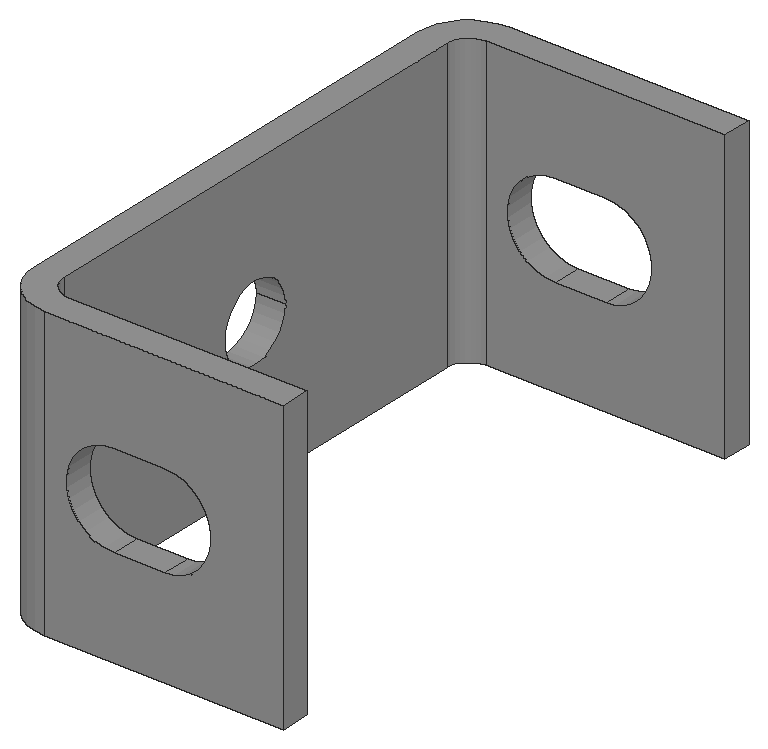
Revit family "Deckenbügel _DB_FT", category Generic Models, Revit 2017
Family settings
  Can host rebar = No
  Round Connector Dimension = Use Diameter
  Part Type = Normal
  Work Plane-Based = No
  Always vertical = Yes
  Cut with Voids When Loaded = No
  Shared = No
  Room Calculation Point = No
Parameters (values of type "DB FT")
  URL = "http://www.obo-bettermann.com"
  Material = Hot dip galvanised
  Manufacturer Art.No. = "6356109"
  Manufacturer = "OBO BETTERMANN"
  GTIN = "4012196195671"
  Article Type = "DB FT"
Reference planes
  plane 1 "Center (Front/Back)": y = 0
  plane 2: z = 0
  plane 3 "Center (Left/Right)": x = 0
  plane 4: z = 40
  plane 5: z = 20
  plane 6: y = 40
  plane 7: x = 20
  plane 8: x = 19.998
Forms (mm)
  Extrusion 1, solid, material "Hot dip galvanised" <- "Material"
    sketch origin (0, 0, 0) x (1, 0, 0) y (0, 1, 0)
      loop
        line (7, 0) -> (40, 0) -> (40, 4) -> (7, 4)
        arc (7, 4) -> (4.879, 4.879) -> (4, 7) r 3
        line (4, 7) -> (4, 73)
        arc (4, 73) -> (4.879, 75.121) -> (7, 76) r 3
        line (7, 76) -> (40, 76) -> (40, 80) -> (7, 80)
        arc (7, 80) -> (2.05, 77.95) -> (0, 73) r 7
        line (0, 73) -> (0, 7)
        arc (0, 7) -> (2.05, 2.05) -> (7, 0) r 7
    from 0 to 40
  Extrusion 2, void
    sketch origin (0, 0, 0) x (0, 1, 0) y (0, 0, 1)
      loop
        circle (40, 20) r 5.25
    from 0 to 4
  Extrusion 3, void
    sketch origin (0, 0, 0) x (1, 0, 0) y (0, 0, 1)
      loop
        arc (16.5, 26.5) -> (10, 20) -> (16.5, 13.5) r 6.5
        line (16.5, 13.5) -> (23.5, 13.5)
        arc (23.5, 13.5) -> (30, 20) -> (23.5, 26.5) r 6.5
        line (23.5, 26.5) -> (16.5, 26.5)
    from 0 to -4
  Extrusion 4, void
    sketch origin (0, 0, 0) x (1, 0, 0) y (0, 0, 1)
      loop
        line (23.498, 26.5) -> (16.498, 26.5)
        arc (16.498, 26.5) -> (9.998, 20) -> (16.498, 13.5) r 6.5
        line (16.498, 13.5) -> (23.498, 13.5)
        arc (23.498, 13.5) -> (29.998, 20) -> (23.498, 26.5) r 6.5
    from -76 to -80
Cuts and joins
  Extrusion 2, Extrusion 3, Extrusion 4 cuts Extrusion 1
Dimensions and locks
  locked: Extrusion 1 sketch curve to Extrusion 1 sketch curve at 80
  locked: Extrusion 1 sketch curve to Extrusion 1 sketch curve at 40  (x2)
  locked: Extrusion 1 sketch curve to Extrusion 1 sketch curve at 4  (x3)
  Extrusion 1 to plane 5 = 20 mm
  locked: Extrusion 1 to plane 6 at 40
  locked: plane 6 to Extrusion 2 sketch curve at 5.25
  locked: plane 6 to Extrusion 2 sketch curve at 0
  locked: plane 7 to plane 3 "Center (Left/Right)" at 20
  locked: Extrusion 3 sketch curve to Extrusion 3 sketch curve at 13
  locked: plane 5 to Extrusion 3 sketch curve at 6.5
  locked: Extrusion 3 sketch curve to plane 7 at 10
  locked: plane 7 to Extrusion 3 sketch curve at 10
  locked: Extrusion 4 sketch curve to Extrusion 4 sketch curve at 13
  locked: Extrusion 4 sketch curve to plane 5 at 6.5
  locked: Extrusion 4 sketch curve to plane 8 at 10
  locked: plane 8 to Extrusion 4 sketch curve at 10
  aligned and locked: level to plane 2
  aligned and locked: plane 4 to Extrusion 1
  aligned and locked: Extrusion 2 to plane 3 "Center (Left/Right)"
  aligned and locked: Extrusion 1 to Extrusion 2
  aligned and locked: Extrusion 1 to Extrusion 3  (x2)
  aligned and locked: Extrusion 1 to Extrusion 4
Automatic sketch dimensions
  Extrusion 1 sketch curve to Extrusion 1 sketch curve = 0 mm  (x3)
  Extrusion 1 sketch curve to plane 3 "Center (Left/Right)" = 0 mm
  plane 1 "Center (Front/Back)" to Extrusion 1 sketch curve = 0 mm
  Extrusion 1 sketch curve to Extrusion 1 sketch curve = 3 mm  (x2)
  Extrusion 2 sketch curve to plane 5 = 0 mm
